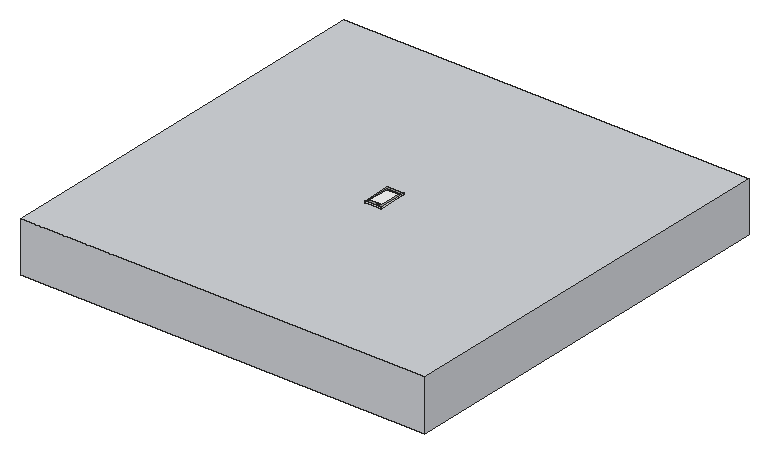
Revit family "Gira_206712", category Elektroinstallationen, Revit 2017
Family settings
  Basisbauteil = Fläche
  Beschriftungsausrichtung beibehalten = Ja
  Bemaßung runder Anschluss = Durchmesser verwenden
  Teiletyp = Normal
  Beim Laden mit Abzugskörper schneiden = Nein
  Gemeinsam genutzt = Nein
  Raumberechnungspunkt = Nein
Parameters (values of type "Gira G1 230 V Gira G1 G Weiß")
  material_white = White
  material_black = Black
  Zentrale Funktionseinheit für Sender/Aktoren = yes
  Werkstoffgüte = "sonstige"
  Werkstoff Text = "sonstige"
  Default Elevation = 1219.2 mm
  URL = "https://www.gira.de/"
  Typname = "Gira G1 230 V Gira G1 G Weiß"
  Type Comments = ""
  Transparent = no
  Temperaturregler = yes
  Status-LED = yes
  Schutzart (IP) = "IP21"
  Präsenztaster = no
  Produktseite = "https://media.stage.bim.site/t/eyJhbGciOiJIUzI1NiIsInR5cCI6IkpXVCJ9.eyJjdCI6MiwidHUiOiJodHRwOi8va2F0YWxvZy5naXJhLmRlL2RlX0RFL2RhdGVuYmxhdHQuaHRtbD9hcnRpa2VsbnI9MjA2NzEyIiwiY2lkIjoiMzI3N2NjMjMtODFhOS00ZWUzLWE5MGEtYjQ3YmI0YzBiNjE2IiwicmlkIjoiNTEwNjEwODcyYzU4OGU5MDRiY2JiMjZkYzdiMTVjNmIiLCJwaWQiOiJhYmRlYjE5MGY4YTM5YWE1NDQ0OTM3ZGZjZDAyZmY2Y2Q4OGNhOTkzIiwic2lkIjoiNjM0NzAiLCJ1dCI6MSwibGMiOiJkZSIsImlhdCI6MTYwMDkzOTA0MywiaXNzIjoiaHR0cHM6Ly9hcGkubGl2ZS5iaW0uc2l0ZSIsInN1YiI6ImFkbWluQGJpbXNpdGUuZGV2In0.5lQXgpa85zB26ebPznndLgZnp7yDF5lKKgehTFlXEJ8"
  Oberfläche Text = "sonstige"
  Montageart = "Unterputz"
  Model = ""
  Mit Display = yes
  Mit Diebstahl-/Demontageschutz = yes
  Mit Busankopplung = no
  Kosten = 0
  IR-Sensor = no
  Hersteller = "Gira"
  HeinzeBIM = "https://www.heinze.de/bim/gira-g1-230-v-gira-g1-g-weiss/abdeb190f8a39aa5444937dfcd02ff6cd88ca993"
  HAN = "206712"
  GTIN = "4010337014324"
  Farbe = "weiß"
  Datenblatt 1 = "https://media.stage.bim.site/t/eyJhbGciOiJIUzI1NiIsInR5cCI6IkpXVCJ9.eyJjdCI6MSwidGYiOiJwdWJsaWMvZ2lyYS9hZThjNTU3LzIwNjcxMi50eHQiLCJjaWQiOiIzMjc3Y2MyMy04MWE5LTRlZTMtYTkwYS1iNDdiYjRjMGI2MTYiLCJyaWQiOiI1MTA2MTA4NzJjNTg4ZTkwNGJjYmIyNmRjN2IxNWM2YiIsInBpZCI6ImFiZGViMTkwZjhhMzlhYTU0NDQ5MzdkZmNkMDJmZjZjZDg4Y2E5OTMiLCJzaWQiOiI2MzQ3MCIsInV0IjoxLCJsYyI6ImRlIiwiaWF0IjoxNjAwOTM5MDQzLCJpc3MiOiJodHRwczovL2FwaS5saXZlLmJpbS5zaXRlIiwic3ViIjoiYWRtaW5AYmltc2l0ZS5kZXYifQ.G97aOYcaWIkiy3h7dsQOJvi_t3lbCBGAbHnfOZqVng8/206712.txt"
  Datenblatt = "https://media.stage.bim.site/t/eyJhbGciOiJIUzI1NiIsInR5cCI6IkpXVCJ9.eyJjdCI6MSwidHUiOiJodHRwczovL2thdGFsb2cuZ2lyYS5kZS9kZV9ERS9kb3dubG9hZC5odG1sP2FydGlrZWxucj0yMDY3MTIiLCJjaWQiOiIzMjc3Y2MyMy04MWE5LTRlZTMtYTkwYS1iNDdiYjRjMGI2MTYiLCJyaWQiOiI1MTA2MTA4NzJjNTg4ZTkwNGJjYmIyNmRjN2IxNWM2YiIsInBpZCI6ImFiZGViMTkwZjhhMzlhYTU0NDQ5MzdkZmNkMDJmZjZjZDg4Y2E5OTMiLCJzaWQiOiI2MzQ3MCIsInV0IjoxLCJsYyI6ImRlIiwiaWF0IjoxNjAwOTM5MDQzLCJpc3MiOiJodHRwczovL2FwaS5saXZlLmJpbS5zaXRlIiwic3ViIjoiYWRtaW5AYmltc2l0ZS5kZXYifQ.IZLLsmzdHHR2at7vd7gZDrUoPrs4lf766yOkBWH7Auk"
  DCF77 Empfänger integriert = no
  Bussystem Powernet = no
  Bussystem LON = no
  Bussystem KNX-Funk = no
  Bussystem KNX = yes
  Bussystem Funkbus = no
  Beschreibung = "Gira G1 230 V  Glas Weiß Der Gira G1 ist ein multifunktionales Raumbediengerät zur Visualisierung und Bedienung vielfältiger Gebäudefunktionen. Zum Einsatz im KNX System und im Gira Türkommunikations-System oder als Client. Der jeweilige Funktionsumfang hängt von der verwendeten Firmware ab.  Den genauen Funktionsumfang entnehmen Sie bitte dem Gira Onlinekatalog sowie der technischen Gerätedokumentation.  Merkmale:  Die Bedienung erfolgt über ein gestenfähiges Multitouchdisplay.  Anbindung und Kommunikation ist variantenabhängig über LAN oder WLAN.  Integrierter Lautsprecher.  Integriertes Mikrofon mit Echokompensation.    Einsatzmöglichkeiten und Kombinationen:  Der Gira G1 als multifunktionales Raumbediengerät stellt folgende Funktionen bzw. Kombinationen von Funktionen zur Verfügung:  KNX Raumbediengerät  Wohnungsstation Video  Client für folgende Systeme   Server - HomeServer – eNet – X1- Sicherheitssystem Alarm Connect  Einbindung von Internetdiensten Eigenschaften als KNX Raumbediengerät:  Intuitiv bedienbare und durch den Endbenutzer anpassbare Benutzeroberfläche.  Schalten, Tasten, Dimmen (relativ u. absolut), Dimmen (inkl. Dimmen RGB, RGBW u. Tunable White) Jalousie- und Rollladensteuerung, Wertgeber, Szenennebenstelle.  Statusanzeige, Anzeige von Datum und Uhrzeit, Anzeige von Innen- und Außentemperatur.  Bis zu 150 Funktionen (sechs Funktionsordner bzw. Räume mit jeweils bis zu 25 Funktionen).  Bis zu 125 Wochen-Zeitschaltuhren mit jeweils 10 Schaltzeiten.  Raumtemperaturregler in Kombination mit dem optional erhältlicher Temperaturfühlermodul oder KNX Geräten zur Raumtemperaturmessung, z. B. Tastsensor 3 Komfort.  Betriebsmodi: Komfort, Stand-by, Nacht und Frost- bzw. Hitzeschutz mit jeweils eigenen Temperatursollwerten (für Heizen und bzw. oder Kühlen).  Betriebsmodi individuell anpassbar.  Eine Heizungsuhr als Wochen-Zeitschaltuhr mit 28 Schaltzeiten.  Raumtemperaturregler-Nebenstelle zur Ansteuerung von Klimaanlagen (Fancoil) in Verbindung mit einem KNX Gateway für Klimaanlagen. Eigenschaften als Wohnungsstation Video:  Kameraumschaltung: gezielte Anwahl der angeschlossenen Farbkameras.   Ansteuerung des Türöffners.  Rufton ein- und ausschalten.  Rufton wählbar aus 10 Melodien. Eigenschaften als Wohnungsstation mit SIP-Client:  Client Funktion für SIP Fremdsysteme von z. B. Comelit, TCS, SCHÜCO  SIP Direct calls oder über Registrar möglich  64 Internrufe möglich z. B. zum Concierge  Early Media Unterstützung für Videobild Einbindung von Internetdiensten:  Gira Wetterportal: Anzeige der Wetterprognose für bis zu fünf Orte (Internetverbindung erforderlich). Der Gira G1 kann auch als Client für folgende Systeme   Server eingesetzt werden::  HomeServer Client  eNet Client  X1 Client  Sicherheitssystem Alarm Connect  In der Funktion als Client stehen die Funktionen des KNX Raumbediengeräts nicht zur Verfügung. Den genauen Funktionsumfang entnehmen Sie bitte dem Gira Onlinekatalog sowie der technischen Gerätedokumentation.  Gira G1 mit Unterputz-Anschlussmodul 230 V WLAN.  Datenkommunikation über WLAN.  Hinweise :  Nur zur Verwendung im Innenbereich geeignet.  Empfohlene Montagehöhe: 150 cm ab Fußboden.  Die Montage erfolgt auf eine tiefe Gerätedose (Empfehlung Elektronikdose bei LAN-Anschluss).  Die Kommunikation zur KNX Installation erfolgt ausschließlich über den KNXnet IP Standard.  Zur Anbindung des Gira G1 PoE an die KNX Installation muss ein KNX IP-Router verwendet werden. Es können mehrere Gira G1 an einem KNX IP-Router betrieben werden.  Zur Anbindung des Gira G1 230 V oder G1 24 V an die KNX Installation ist ein Gira KNX IP-Router (ab Firmwareversion 3) erforderlich um eine zuverlässige Kommunikation im WLAN sicherzustellen. Hierzu ist der Gira KNX IP-Router (ab Firmwareversion 3) speziell mit der Zusatzfunktion Zuverlässige Datenkommunikation\" ausgestattet. Es können mehrere Gira G1 an einem Gira KNX IP-Router (ab Firmwareversion 3) betrieben werden.  Hardware ab Indexstand I08 für KNX Secure vorbereitet (zusätzliches Firmeware-Update erforderlich).  Inbetriebnahme im KNX System ab ETS 5.5 oder höher.  Als Wohnungsstation nutzbar in Verbindung mit TKS-IP-Gateway.  Bitte beachten Sie bei der Planung der Anlage die technischen Informationen zur Netzwerkplanung in der Gerätedokumentation.  Für Firmware-Updates wird der Gira Projekt Assistent (GPA) benötigt. Der GPA ist kostenlos im Gira Downloadbereich verfügbar.  Zur Nutzung der Zeitschaltuhren ist entweder eine Internetverbindung zu einem NTP-Zeitserver oder ein entsprechender KNX Zeitgeber (z.B. Gira Wetterstation Plus 2074 00) erforderlich.  Für die Montage des Unterputz-Anschlussmoduls PoE wird die Verwendung einer Elektronikdose empfohlen.  Es wird ein handelsüblicher PoE-fähiger Switch bzw. Router oder ein PoE-Injector benötigt.\""
  Assembly Code = ""
  Keynote = ""
  BIMSITE_PRODUCT_ID = "abdeb190f8a39aa5444937dfcd02ff6cd88ca993"
  BIM = "https://media.stage.bim.site/t/eyJhbGciOiJIUzI1NiIsInR5cCI6IkpXVCJ9.eyJjdCI6MSwidGYiOiJwdWJsaWMvZ2lyYS9hZThjNTU3L0dpcmFfRzEucmZhIiwiY2lkIjoiMzI3N2NjMjMtODFhOS00ZWUzLWE5MGEtYjQ3YmI0YzBiNjE2IiwicmlkIjoiNTEwNjEwODcyYzU4OGU5MDRiY2JiMjZkYzdiMTVjNmIiLCJwaWQiOiJhYmRlYjE5MGY4YTM5YWE1NDQ0OTM3ZGZjZDAyZmY2Y2Q4OGNhOTkzIiwic2lkIjoiNjM0NzAiLCJ1dCI6NSwibGMiOiJkZSIsImlhdCI6MTYwMDkzOTA0MywiaXNzIjoiaHR0cHM6Ly9hcGkubGl2ZS5iaW0uc2l0ZSIsInN1YiI6ImFkbWluQGJpbXNpdGUuZGV2In0.R4fg9eZ5Y-QGWcTbfGpZn4X7ZZL00ncwCdzryCn-Y_U/Gira_G1.rfa"
  Ausführung der Oberfläche = "nicht zutreffend"
  Andere Bussysteme = "eNet"
Reference planes
  plane 1 "Center (Front/Back)": y = 0
  plane 2: z = 0
  plane 3 "Center (Left/Right)": x = 0
Forms (mm)
  Extrusion 1, solid
    sketch origin (0, 0, 0) x (1, 0, 0) y (0, 1, 0)
      loop
        line (-1219.2, 1219.2) -> (-1219.2, -1219.2) -> (1219.2, -1219.2) -> (1219.2, 1219.2) -> (-1219.2, 1219.2)
    from 0 to -304.8
  Extrusion 2, solid, material "White" <- "material_white", detail levels fine
    sketch origin (0, 0, 0) x (1, 0, 0) y (0, 1, 0)
      loop
        arc (-47, 84) -> (-48.061, 83.561) -> (-48.5, 82.5) r 1.5
        line (-48.5, 82.5) -> (-48.5, -82.5)
        arc (-48.5, -82.5) -> (-48.061, -83.561) -> (-47, -84) r 1.5
        line (-47, -84) -> (47, -84)
        arc (47, -84) -> (48.061, -83.561) -> (48.5, -82.5) r 1.5
        line (48.5, -82.5) -> (48.5, 82.5)
        arc (48.5, 82.5) -> (48.061, 83.561) -> (47, 84) r 1.5
        line (47, 84) -> (-47, 84)
    from 0 to 7.654
  Extrusion 3, solid, material "Black" <- "material_black", detail levels fine
    sketch origin (0, 0, 0) x (1, 0, 0) y (0, 1, 0)
      loop
        arc (44.153, 78.61) -> (43.716, 79.665) -> (42.661, 80.102) r 1.492
        line (42.661, 80.102) -> (-42.661, 80.102)
        arc (-42.661, 80.102) -> (-43.716, 79.665) -> (-44.153, 78.61) r 1.492
        line (-44.153, 78.61) -> (-44.153, -78.61)
        arc (-44.153, -78.61) -> (-43.716, -79.665) -> (-42.661, -80.102) r 1.492
        line (-42.661, -80.102) -> (42.661, -80.102)
        arc (42.661, -80.102) -> (43.716, -79.665) -> (44.153, -78.61) r 1.492
        line (44.153, -78.61) -> (44.153, 78.61)
    from 0 to -6.196
  Extrusion 4, solid, material "Black" <- "material_black", detail levels fine
    sketch origin (0, 0, 0) x (1, 0, 0) y (0, 1, 0)
      loop
        line (39.802, 66.02) -> (-39.802, 66.02) -> (-39.802, -66.02) -> (39.802, -66.02) -> (39.802, 66.02)
      loop
        line (47, 83.85) -> (-47, 83.85)
        arc (-47, 83.85) -> (-47.955, 83.455) -> (-48.35, 82.5) r 1.35
        line (-48.35, 82.5) -> (-48.35, -82.5)
        arc (-48.35, -82.5) -> (-47.955, -83.455) -> (-47, -83.85) r 1.35
        line (-47, -83.85) -> (47, -83.85)
        arc (47, -83.85) -> (47.955, -83.455) -> (48.35, -82.5) r 1.35
        line (48.35, -82.5) -> (48.35, 82.5)
        arc (48.35, 82.5) -> (47.955, 83.455) -> (47, 83.85) r 1.35
      loop
        arc (16.826, -70.87) -> (13.826, -73.87) -> (16.826, -76.87) r 3
        line (16.826, -76.87) -> (27.78, -76.87)
        arc (27.78, -76.87) -> (30.78, -73.87) -> (27.78, -70.87) r 3
        line (27.78, -70.87) -> (16.826, -70.87)
    from 6 to 8.604
  Extrusion 5, solid, material "Black" <- "material_black", detail levels fine
    sketch origin (0, 0, 0) x (1, 0, 0) y (0, 1, 0)
      loop
        line (27.78, -70.97) -> (16.826, -70.97)
        arc (16.826, -70.97) -> (13.926, -73.87) -> (16.826, -76.77) r 2.9
        line (16.826, -76.77) -> (27.78, -76.77)
        arc (27.78, -76.77) -> (30.68, -73.87) -> (27.78, -70.97) r 2.9
    from 6 to 8.5
  Extrusion 6, solid, material "Black" <- "material_black", detail levels medium
    sketch origin (0, 0, 0) x (1, 0, 0) y (0, 1, 0)
      loop
        line (44.153, 80.102) -> (-44.153, 80.102) -> (-44.153, -80.102) -> (44.153, -80.102) -> (44.153, 80.102)
    from 0 to -6.196
  Extrusion 7, solid, material "White" <- "material_white", detail levels medium
    sketch origin (0, 0, 0) x (1, 0, 0) y (0, 1, 0)
      loop
        line (-48.5, 84) -> (-48.5, -84) -> (48.5, -84) -> (48.5, 84) -> (-48.5, 84)
    from 0 to 7.654
  Extrusion 8, solid, material "Black" <- "material_black", detail levels medium
    sketch origin (0, 0, 0) x (1, 0, 0) y (0, 1, 0)
      loop
        line (48.35, 83.85) -> (-48.35, 83.85) -> (-48.35, -83.85) -> (48.35, -83.85) -> (48.35, 83.85)
    from 6 to 8.604
  Extrusion 9, solid, material "Black" <- "material_black", detail levels coarse
    sketch origin (0, 0, 0) x (1, 0, 0) y (0, 1, 0)
      loop
        line (48.5, 84) -> (-48.5, 84) -> (-48.5, -84) -> (48.5, -84) -> (48.5, 84)
    from -6.196 to 8.604
Dimensions and locks
  aligned and locked: plane 2 to Extrusion 1
  aligned and locked: level to Extrusion 1
  aligned and locked: plane 1 "Center (Front/Back)" to nested 1
  aligned and locked: plane 3 "Center (Left/Right)" to nested 1
Nested families
  nested 1: "symbol" at (0, 0, 0), type "symbol"
Connectors
  electrical at (0, 0, -6.196)
    settings: on Extrusion 9, index 1, voltage 230 V, apparent load 0 VA, apparent load phase1 0 VA, apparent load phase2 0 VA, apparent load phase3 0 VA, power factor 1, load classification "Other", number of poles 1, system type 30, power factor state 1, is connector primary yes, connector utility no, sub classification motor no, connector description ""
Definition of nested family "symbol"
  Reference planes
    plane 1: y = 0
    plane 2: x = 0
  Lines and regions (mm)
    Filled region 1, type "Gefüllter Bereich 1"
      outline origin (0, 0, 0) x (1, 0, 0) y (0, 1, 0)
        loop
          circle (-0.6, 2.4) r 0.4
    Filled region 2, type "Gefüllter Bereich 1"
      outline origin (0, 0, 0) x (1, 0, 0) y (0, 1, 0)
        loop
          circle (0.6, 2.4) r 0.4
    detail lines
      curve 1: line (0, 0, 0) -> (0, 2, 0)
      curve 2: line (0, 2, 0) -> (1.6, 2, 0)
      curve 3: line (1.6, 2, 0) -> (1.6, 3.6, 0)
      curve 4: circle (0.6, 2.4, 0) r 0.4 normal (0, 0, 1)
      curve 5: line (0, 2, 0) -> (-1.6, 2, 0)
      curve 6: line (-1.6, 2, 0) -> (-1.6, 3.6, 0)
      curve 7: circle (-0.6, 2.4, 0) r 0.4 normal (0, 0, -1)
